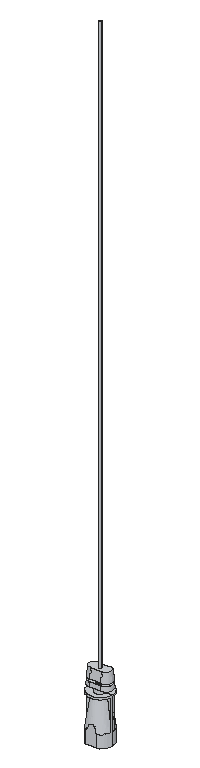
Revit family "Gripple UniGrip Kit", category Specialty Equipment, Revit 2017
Family settings
  Round Connector Dimension = Use Diameter
  Part Type = Normal
  Work Plane-Based = Yes
  Always vertical = Yes
  Cut with Voids When Loaded = No
  Shared = Yes
  Room Calculation Point = No
Parameters (values of type "UG2")
  z = 8.5 mm
  w = 10.5 mm
  v = 6 mm
  WD/2 = WD / 2  # 1 mm
  WD = 2 mm
  y = 11.8 mm
  UniGrip Foot Option [instance] = UniGrip Foot Options : 4. Central Exit (Hex Nut)
  G = 7.5 mm
  F = 2 mm  # constant formula
  E = 3 mm  # constant formula
  D = 3.5 mm  # constant formula
  C = 2 mm
  B = 35 mm
  A = 9.5 mm
  Suspension End Fixing [instance] = ""
  Schedule Level [instance] = ""
  Schedule Discipline [instance] = ""
  Schedule Area [instance] = ""
  Hanger SWL (kg) = "55kg"
  Body Dia = 19 mm
  Gripple Kit Length (m) [instance] = roundup((Bracket Distance From Soffit + (50 mm / 1)) / 1000 mm / 1) * 1 mm  # 1 mm
  Go To URL [instance] = "https://www.gripple.com/images/Markets/Building%20Services/Products/Unigrip/PI%20Sheets/PI-UNIGRIP-ENG.pdf"
  Bracket Distance From Soffit [instance] = 500 mm
  URL = "https://www.gripple.com/images/Markets/Building%20Services/Products/Unigrip/PI%20Sheets/PI-UNIGRIP-ENG.pdf"
  Model = "UniGrip No2"
  Manufacturer = "Gripple Ltd"  # constant formula
  Default Elevation = 0 mm
  Assembly Code = "UG2"
  AF = 17 mm
Types (3, lengths in mm): name | z | w | v | WD/2 | WD | y | G | C | B | A | Hanger SWL (kg) | Body Dia | Model | Assembly Code | AF
  UG2 | 8.5 | 10.5 | 6 | 1 | 2 | 11.8 | 7.5 | 2 | 35 | 9.5 | "55kg" | 19 | "UniGrip No2" | "UG2" | 17
  UG3 | 8.5 | 10.5 | 8 | 1.5 | 3 | 13.8 | 10.5 | 3.5 | 47.5 | 19.5 | "110kg" | 22 | "UniGrip No3" | "UG3" | 17
  UG4 | 10 | 16 | 10 | 2.4 | 4.8 | 21 | 13 | 4 | 56.5 | 25 | "250kg" | 30 | "UniGrip No4" | "UG4" | 22
Reference planes
  plane 1 "Center (Front/Back)": y = 0
  plane 2: z = 0
  plane 3 "Center (Left/Right)": x = 0
  plane 4 "Bottom of Angled Void": z = 9.5
  plane 5 "Wire Bottom": z = 0
  plane 6: x = -9.5
  plane 7: x = 9.5
  plane 8 "Wire Top": z = 500
  plane 9 "Top of Angled Void": z = 33
  plane 10: y = -1.4
  plane 11: y = 1.4
  plane 12: x = -1.4
  plane 13: x = 1.4
  plane 14 "Channel Bearing Face": z = 35
  plane 15 "a": z = 38.5
  plane 16: y = 5.25
  plane 17: y = -5.25
  plane 18 "Component Top": z = 51
  plane 19 "b": z = 41.5
  plane 20: x = -3
  plane 21: x = 3
  plane 22 "Cap Base": z = 43.5
  plane 23: y = 8.5
  plane 24: y = -8.5
  plane 25: y = 9.5
  plane 26: y = -9.5
  plane 27: z = 34
  plane 28: x = -4.25
  plane 29: x = 4.25
  plane 30: y = 4.25
  plane 31: y = -4.25
  plane 32: x = 5.9
  plane 33: x = -5.9
Forms (mm)
  Revolve 1, solid, detail levels fine
    sketch origin (0, 0, 0) x (1, 0, 0) y (0, 0, 1)
      loop
        line (0, 51) -> (0, 500) -> (-1, 500) -> (-1, 51) -> (0, 51)
      axis (0, 51) -> (0, 500)
    angle from 0 to 360
  Blend 2, solid, detail levels fine
    base sketch origin (0, 0, 38.5) x (-1, 0, 0) y (0, -1, 0)
      loop
        arc (4.25, -5.25) -> (9.5, 0) -> (4.25, 5.25) r 5.25
        line (4.25, 5.25) -> (-4.25, 5.25)
        arc (-4.25, 5.25) -> (-9.5, 0) -> (-4.25, -5.25) r 5.25
        line (-4.25, -5.25) -> (4.25, -5.25)
    top sketch origin (0, 0, 51) x (-1, 0, 0) y (0, -1, 0)
      loop
        arc (4.25, -4.25) -> (8.5, 0) -> (4.25, 4.25) r 4.25
        line (4.25, 4.25) -> (-4.25, 4.25)
        arc (-4.25, 4.25) -> (-8.5, 0) -> (-4.25, -4.25) r 4.25
        line (-4.25, -4.25) -> (4.25, -4.25)
    from 0 to 0
  Extrusion 3, void
    sketch origin (0, 0, 0) x (1, 0, 0) y (0, 1, 0)
      loop
        line (-4.243, 8.5) -> (4.243, 8.5)
        arc (4.243, 8.5) -> (0, 9.5) -> (-4.243, 8.5) r 9.5
      loop
        arc (-4.243, -8.5) -> (0, -9.5) -> (4.243, -8.5) r 9.5
        line (4.243, -8.5) -> (-4.243, -8.5)
    from 0 to 33
  Revolve 4, solid, detail levels fine
    sketch origin (0, 0, 0) x (1, 0, 0) y (0, 0, 1)
      loop
        line (-9.5, 0) -> (0, 0) -> (0, 38.5) -> (-9.5, 38.5) -> (-9.5, 0)
      axis (0, 38.5) -> (0, 0)
    angle from 0 to 360
  Revolve 5, void
    sketch origin (0, 0, 0) x (1, 0, 0) y (0, 0, 1)
      loop
        line (-9.5, 38.5) -> (-9.5, 35) -> (-4.25, 35) -> (-4.25, 38.5) -> (-9.5, 38.5)
      axis (0, 38.5) -> (0, 35)
    angle from 0 to 360
  Revolve 6, void
    sketch origin (0, 0, 0) x (1, 0, 0) y (0, 0, 1)
      loop
        line (-9.5, 43.5) -> (-9.5, 41.5) -> (-3, 41.5) -> (-3, 43.5) -> (-9.5, 43.5)
      axis (0, 43.5) -> (0, 41.5)
    angle from 0 to 360
  Revolve 7, void
    sketch origin (0, 0, 0) x (1, 0, 0) y (0, 0, 1)
      loop
        line (5.885, 33) -> (9.5, 9.5) -> (9.5, 34) -> (5.885, 33)
      axis (0, 34) -> (0, 9.5)
    angle from 8 to 172
  Revolve 8, void
    sketch origin (0, 0, 0) x (1, 0, 0) y (0, 0, 1)
      loop
        line (5.885, 33) -> (9.5, 9.5) -> (9.5, 34) -> (5.885, 33)
      axis (0, 34) -> (0, 9.5)
    angle from 188 to 352
Cuts and joins
  Extrusion 3, Revolve 5, Revolve 7, Revolve 8 cuts Revolve 4
  Revolve 5, Revolve 6 cuts Blend 2
Lines and regions (mm)
  model lines
    curve 1: line (0, 0, 500) -> (0, 0, -25)
  reference lines
    curve 2: line (9.5, 0, 9.5) -> (5.885, 0, 33)
    curve 3: line (5.885, 0, 33) -> (9.5, 0, 34)
Dimensions and locks
  equal spacing: plane 7, plane 3 "Center (Left/Right)", plane 6
  "Bracket Distance From Soffit": plane 8 "Wire Top" to level
  "WD/2": Revolve 1 sketch curve to Revolve 1 sketch curve
  "Body Dia": plane 7 to plane 6
  locked: plane 11 to plane 10 at 2.8
  "A": plane 4 "Bottom of Angled Void" to plane 2
  "B": plane 14 "Channel Bearing Face" to plane 2
  "D": plane 15 "a" to plane 14 "Channel Bearing Face"
  equal spacing: plane 16, plane 1 "Center (Front/Back)", plane 17
  "w": plane 16 to plane 17
  equal spacing: plane 20, plane 3 "Center (Left/Right)", plane 21
  "E": plane 19 "b" to plane 15 "a"
  "G": plane 18 "Component Top" to plane 22 "Cap Base"
  "F": plane 22 "Cap Base" to plane 19 "b"
  "C": plane 14 "Channel Bearing Face" to plane 9 "Top of Angled Void"
  "AF": plane 23 to plane 24
  equal spacing: plane 23, plane 1 "Center (Front/Back)", plane 24
  "Body Dia": plane 25 to plane 26
  equal spacing: plane 26, plane 1 "Center (Front/Back)", plane 25
  equal spacing: plane 10, plane 1 "Center (Front/Back)", plane 11
  equal spacing: plane 12, plane 3 "Center (Left/Right)", plane 13
  plane 12 to plane 13 = 2.8 mm
  equal spacing: plane 14 "Channel Bearing Face", plane 27, plane 9 "Top of Angled Void"
  "v": plane 20 to plane 21
  plane 16 to plane 30 = 1 mm
  plane 31 to plane 17 = 1 mm
  equal spacing: plane 28, plane 3 "Center (Left/Right)", plane 29
  "z": plane 28 to plane 29
  equal spacing: plane 32, plane 3 "Center (Left/Right)", plane 33
  "y": plane 32 to plane 33
  aligned and locked: level to plane 2
  aligned and locked: plane 3 "Center (Left/Right)" to Revolve 1 sketch curve  (x2)
  aligned and locked: plane 8 "Wire Top" to Revolve 1 sketch curve
  aligned and locked: plane 8 "Wire Top" to curve 1
  aligned and locked: curve 1 to plane 3 "Center (Left/Right)"
  aligned and locked: Blend 2 sketch curve to plane 16
  aligned and locked: plane 18 "Component Top" to Blend 2
  aligned and locked: Extrusion 3 sketch curve to plane 23
  aligned and locked: Extrusion 3 to level
  aligned and locked: Extrusion 3 sketch curve to plane 24
  aligned and locked: Revolve 4 sketch curve to plane 3 "Center (Left/Right)"
  aligned and locked: plane 3 "Center (Left/Right)" to Revolve 4 sketch curve
  aligned and locked: Revolve 4 sketch curve to plane 6
  aligned and locked: Extrusion 3 sketch curve to cut or joined group of Extrusion 3, Revolve 4, Revolve 5, Revolve 7, Revolve 8  (x2)
  aligned and locked: Extrusion 3 to plane 2
  aligned and locked: plane 15 "a" to Revolve 4 sketch curve
  aligned and locked: level to plane 5 "Wire Bottom"
  aligned and locked: Revolve 4 sketch curve to level
  aligned and locked: plane 28 to Blend 2 sketch curve  (x3)
  aligned and locked: plane 1 "Center (Front/Back)" to Blend 2 sketch curve  (x4)
  aligned and locked: plane 29 to Blend 2 sketch curve  (x2)
  aligned and locked: Blend 2 sketch curve to plane 31
  aligned and locked: Revolve 5 sketch curve to plane 15 "a"
  aligned and locked: plane 14 "Channel Bearing Face" to Revolve 5 sketch curve
  aligned and locked: plane 6 to Revolve 5 sketch curve
  aligned and locked: Revolve 5 sketch curve to plane 28
  aligned and locked: Revolve 5 sketch curve to plane 3 "Center (Left/Right)"
  aligned and locked: Revolve 6 sketch curve to plane 22 "Cap Base"
  aligned and locked: plane 19 "b" to Revolve 6 sketch curve
  aligned and locked: Revolve 6 sketch curve to plane 3 "Center (Left/Right)"
  aligned and locked: plane 6 to Revolve 6 sketch curve
  aligned and locked: plane 20 to Revolve 6 sketch curve
  aligned and locked: plane 7 to curve 2
  aligned and locked: plane 4 "Bottom of Angled Void" to curve 2
  aligned and locked: plane 7 to curve 3
  aligned and locked: plane 27 to curve 3
  aligned and locked: plane 9 "Top of Angled Void" to curve 3
  aligned and locked: Revolve 7 sketch curve to curve 3
  aligned and locked: Revolve 7 sketch curve to curve 2
  aligned and locked: Revolve 7 sketch curve to plane 7
  aligned and locked: Revolve 7 sketch curve to plane 3 "Center (Left/Right)"
  aligned and locked: plane 9 "Top of Angled Void" to Extrusion 3
  aligned and locked: Revolve 8 sketch curve to curve 3
  aligned and locked: Revolve 8 sketch curve to curve 2
  aligned and locked: Revolve 8 sketch curve to plane 7
  aligned and locked: Revolve 8 sketch curve to plane 3 "Center (Left/Right)"
  aligned and locked: Revolve 1 sketch curve to plane 18 "Component Top"
Automatic sketch dimensions
  curve 3 to plane 32 = 0.015 mm
  plane 8 "Wire Top" to Revolve 4 sketch curve = 40 mm
  plane 8 "Wire Top" to Revolve 5 sketch curve = 2114.315 mm
  plane 8 "Wire Top" to Revolve 6 sketch curve = 2114.315 mm
  plane 8 "Wire Top" to Revolve 7 sketch curve = 2114.315 mm
  Revolve 8 sketch curve to plane 4 "Bottom of Angled Void" = 0 mm
  plane 8 "Wire Top" to Revolve 8 sketch curve = 2114.315 mm
  curve 1 to level = 25 mm
  Revolve 4 sketch curve to level = 95 mm
  Revolve 5 sketch curve to level = 366.045 mm
  Revolve 6 sketch curve to level = 366.045 mm
  Revolve 7 sketch curve to level = 366.045 mm
  Revolve 8 sketch curve to level = 366.045 mm
  Revolve 1 sketch curve to plane 4 "Bottom of Angled Void" = 1.372 mm
  Revolve 1 sketch curve to plane 18 "Component Top" = 2.263 mm
